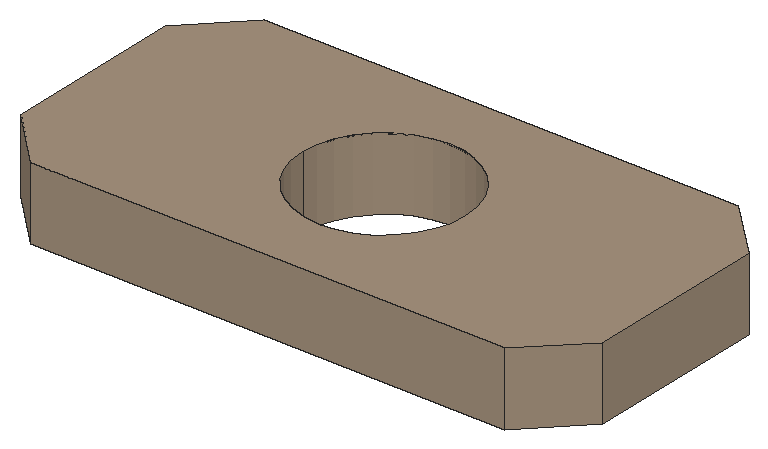
Revit family
Parameters
  Warranty Duration (Years) = 50
  URL = "http://www.nativecustomstone.com/"
  Test Data = "http://www.nativecustomstone.com/specs/testing-and-ics-esr-report"
  Specification = "http://www.nativecustomstone.com/specs/3-part-spec"
  Send Message = "http://www.arcat.com/users.pl?action=UserEmail&company=Native+Custom+Stone&coid=48056&rep=152&fax=706-216-5550&mf="
  Sales Information = "http://www.nativecustomstone.com/contact"
  Revision = "R1_10-2012"
  Product Properties = "http://www.nativecustomstone.com/specs/spec-data-sheet"
  Product Data = "http://www.arcat.com/arcatcos/cos48/arc48056.html"
  Model = "As Specified in 04 73 00"
  Material = Native-Custom-Stone_Accessory-Material_Brown-Color
  Manufacturer Website = "www.nativecstone.com"
  Manufacturer Phone - Toll Free = "888-823-0745"
  Manufacturer Phone = "706-216-5545"
  Manufacturer Fax = "706-216-5550"
  Manufacturer Email = "http://www.arcat.com/users.pl?action=UserEmail&company=Native+Custom+Stone&coid=48056&rep=152&fax=706-216-5550&mf="
  Manufacturer Address = "236 Hightower Pkwy. Dawsonville, GA 30534"
  Manufacturer = "Native Custom Stone"
  Maintenance Schedule (Months) = 12
  Keynote = "04 73 00"
  Installation-Fabrication = "http://www.nativecustomstone.com/specs/stone-installation-and-accessory-details"
  Installation Phase = "Masonry Finishes"
  Green Building-LEED = "http://www.nativecustomstone.com/specs/native-custom-stone-for-leeds-projects"
  Drawn By = "Sumex Design, Inc."
  Description = "Light Box as Specified in 04 73 00"
  Default Elevation = 0' - 0"
  Copyright = "©Arcat Inc."
  Construction Details = "http://www.nativecustomstone.com/specs/stone-installation-and-accessory-details"
  Company_ID = 48056
  Assembly Code = "B2010100"
Reference planes (in)
  plane 1 "Center (Front/Back)": y = 0
  plane 2: z = 0
  plane 3 "Center (Left/Right)": x = 0
  plane 4: x = -8
  plane 5: x = 8
  plane 6: y = 4
  plane 7: y = -4
  plane 8: z = 2
Forms (in)
  Extrusion 1, solid, material "Native-Custom-Stone_Accessory-Material_Brown-Color" <- "Material"
    sketch origin (0, 0, 0) x (1, 0, 0) y (0, 1, 0)
      loop
        line (6.5, 4) -> (-6.5, 4) -> (-8, 2.5) -> (-8, -2.5) -> (-6.5, -4) -> (6.5, -4) -> (8, -2.5) -> (8, 2.5) -> (6.5, 4)
      loop
        circle (0, 0) r 2.25
    from 0 to 2
Dimensions and locks (in)
  equal spacing: plane 4, plane 3 "Center (Left/Right)", plane 5
  equal spacing: plane 7, plane 1 "Center (Front/Back)", plane 6
  locked: plane 7 to plane 6 at 8
  locked: plane 4 to plane 5 at 16
  locked: plane 8 to level at 2
  aligned and locked: Extrusion 1 sketch curve to plane 6
  aligned and locked: Extrusion 1 sketch curve to plane 7
  aligned and locked: plane 8 to Extrusion 1
Automatic sketch dimensions
  Extrusion 1 sketch curve to plane 4 = 0' - 0"
  Extrusion 1 sketch curve to plane 1 "Center (Front/Back)" = 0' - 0"
  Extrusion 1 sketch curve to plane 3 "Center (Left/Right)" = 0' - 0"
  plane 4 to Extrusion 1 sketch curve = 0' - 1 1/2"  (x2)
  Extrusion 1 sketch curve to plane 7 = 0' - 1 1/2"  (x2)
  plane 6 to Extrusion 1 sketch curve = 0' - 1 1/2"  (x2)
  Extrusion 1 sketch curve to plane 5 = 0' - 1 1/2"
  Extrusion 1 sketch curve to plane 5 = 0' - 0"
  Extrusion 1 sketch curve to Extrusion 1 sketch curve = 0' - 1 1/2"
  radius of Extrusion 1 sketch curve = 0' - 2 1/4"
